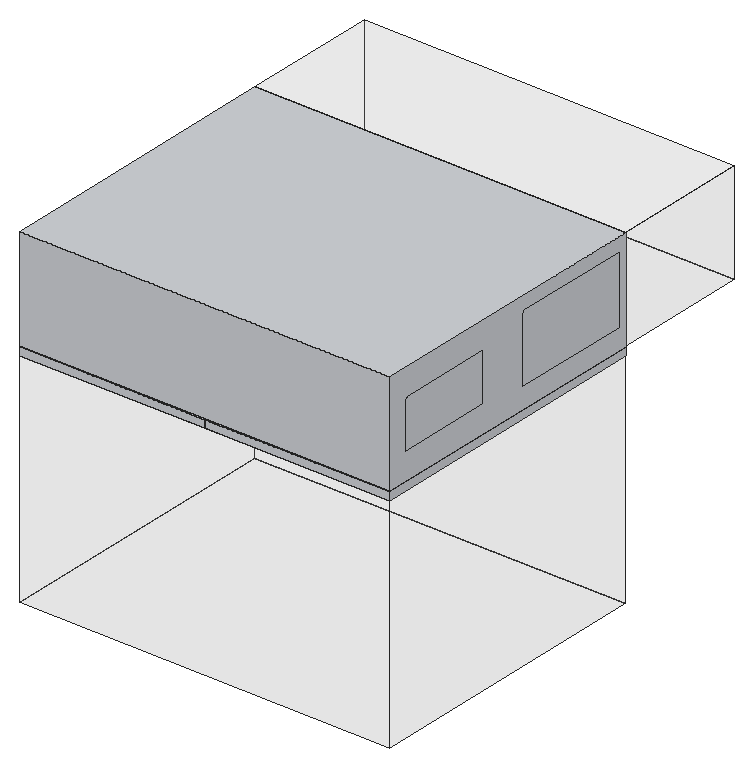
Revit family "AHU 3 _6", category Mechanické zařízení, Revit 2018
Family settings
  Kóta kulaté spojky = Použít průměr
  Typ dílu = Normální
  Číslo OmniClass = 23.75.00.00
  Nadpis OmniClass = Climate Control (HVAC)
  Založené na pracovní rovině = Ne
  Vždy vertikální = Ano
  Ořezat dutým tvarem při načtení = Ne
  Sdílené = Ne
  Bod výpočtu místnosti = Ne
Parameters (values of type "DUPLEXVENT Flexi (3G) DV2300 (RD5)")
  Width [instance] = 1.55 mm
  Weight [instance] = 292.00 kg
  URL = ""
  Type [instance] = "DUPLEXVENT Flexi (3G) DV2300 (RD5)"
  Total_SFP [instance] = 0
  Supply_outlet_hum [instance] = 24.9
  Supply_inlet_hum [instance] = 90
  Supply_ext_pressure [instance] = 200.0 Pa
  Supply_SFP [instance] = 0
  Source_adu_file [instance] = "C:\\\\Users\\\\dgavril\\\\OneDrive - Airflow Developments Ltd\\\\Desktop\\\\adu durley chine V4.adu"
  Recuperation_type [instance] = "Plate heat recovery exchanger"
  Recuperation_efficiency_EN308 [instance] = 82.9
  Project_name [instance] = "Durley Chine Passivhaus"
  Project_date [instance] = "13-08-2021"
  Power_supply_fusing [instance] = "0"
  Power_supply_cable [instance] = "0"
  Position [instance] = "AHU 3 "
  Phases_count [instance] = 1
  Panel_thickness [instance] = 0.06 mm
  Outer_surface [instance] = "RAL 9002"
  Length [instance] = 1.95 mm
  Insulation_type [instance] = "PUR"
  Insulation_thickness [instance] = 0.05 mm
  Installation_environment [instance] = ""
  Input_power_max [instance] = 1660 W
  Inner_surface [instance] = "Pozink"
  I2 [instance] = I1  # 0.0 L/s
  Height [instance] = 0.585 mm
  Exhaust_outlet_hum [instance] = 96.1
  Exhaust_inlet_hum [instance] = 40
  Exhaust_ext_pressure [instance] = 200.0 Pa
  Exhaust_SFP [instance] = 0
  E1 [instance] = E2 - M1  # 0.0 L/s
  E2 [instance] = 0.0 L/s
  I1 [instance] = 0.0 L/s
  Description = ""
  M1 [instance] = 0.0 L/s
  Device_dutypoint_version [instance] = "23"
  Device_design_version [instance] = "76"
  Device_adu_id [instance] = "6"
  Current_max [instance] = 8 A
  Casing_mat [instance] = "painted zinc layer"
  Cable type [instance] = "CYKY 3Jx2,5"
Reference planes
  plane 1 "Střed (vpředu/vzadu)": y = 0
  plane 2 "ref": z = 0
  plane 3 "Střed (vlevo/vpravo)": x = 0
Forms (mm)
  Sweep 1, solid
    path origin (0, 0, -540) x (0, 0, 1) y (1, 0, 0)
      loop
        line (0, 0) -> (540, 0)
    profile origin (0, 0, -540) x (1, 0, 0) y (0, 1, 0)
      loop
        line (0, 0) -> (1950, 0) -> (1950, 1550) -> (0, 1550) -> (0, 0)
  Sweep 2, solid
    path origin (1949, 355, -270) x (1, 0, 0) y (0, 1, 0)
      loop
        line (0, 0) -> (1, 0)
    profile origin (1949, 355, -270) x (0, 1, 0) y (0, 0, 1)
      loop
        line (250, 125) -> (-250, 125) -> (-250, -125) -> (250, -125) -> (250, 125)
  Sweep 3, solid
    path origin (1, 1190, -253) x (0, 1, 0) y (-1, 0, 0)
      loop
        line (0, 0) -> (0, 1)
    profile origin (1, 1190, -253) x (0, -1, 0) y (0, 0, 1)
      loop
        line (-315, 177) -> (-315, -177) -> (315, -177) -> (315, 177) -> (-315, 177)
  Sweep 4, solid
    path origin (1, 355, -270) x (0, 1, 0) y (-1, 0, 0)
      loop
        line (0, 0) -> (0, 1)
    profile origin (1, 355, -270) x (0, -1, 0) y (0, 0, 1)
      loop
        line (-250, 125) -> (-250, -125) -> (250, -125) -> (250, 125) -> (-250, 125)
  Sweep 5, solid
    path origin (1949, 1190, -253) x (1, 0, 0) y (0, 1, 0)
      loop
        line (0, 0) -> (1, 0)
    profile origin (1949, 1190, -253) x (0, 1, 0) y (0, 0, 1)
      loop
        line (315, 177) -> (-315, 177) -> (-315, -177) -> (315, -177) -> (315, 177)
  Sweep 6, solid
    path origin (1885, 1550, -560) x (0, 1, 0) y (-1, 0, 0)
      loop
        line (0, 0) -> (30, 0)
    profile origin (1885, 1550, -560) x (-1, 0, 0) y (0, 0, 1)
      loop
        circle (0, 0) r 16
  Sweep 7, solid, material "Servisní prostor"
    path origin (0, 0, -1755) x (0, 0, 1) y (1, 0, 0)
      loop
        line (0, 0) -> (1170, 0)
    profile origin (0, 0, -1755) x (1, 0, 0) y (0, 1, 0)
      loop
        line (0, 0) -> (1950, 0) -> (1950, 1550) -> (0, 1550) -> (0, 0)
  Sweep 8, solid, material "Servisní prostor"
    path origin (0, 0, -540) x (0, 0, 1) y (1, 0, 0)
      loop
        line (0, 0) -> (540, 0)
    profile origin (0, 0, -540) x (1, 0, 0) y (0, 1, 0)
      loop
        line (0, 2270) -> (0, 1550) -> (1950, 1550) -> (1950, 2270) -> (0, 2270)
  Sweep 9, solid
    path origin (0, 0, -585) x (0, 0, 1) y (1, 0, 0)
      loop
        line (0, 0) -> (40, 0)
    profile origin (0, 0, -585) x (1, 0, 0) y (0, 1, 0)
      loop
        line (0, 1550) -> (0, 0) -> (975, 0) -> (975, 1550) -> (0, 1550)
  Sweep 10, solid
    path origin (0, 0, -585) x (0, 0, 1) y (1, 0, 0)
      loop
        line (0, 0) -> (40, 0)
    profile origin (0, 0, -585) x (1, 0, 0) y (0, 1, 0)
      loop
        line (975, 1550) -> (975, 0) -> (1950, 0) -> (1950, 1550) -> (975, 1550)
  Sweep 11, solid
    path origin (0, 0, -495) x (0, 0, 1) y (1, 0, 0)
      loop
        line (0, 0) -> (190, 0)
    profile origin (0, 0, -495) x (1, 0, 0) y (0, 1, 0)
      loop
        line (650, 1550) -> (1305, 1550) -> (1305, 1675) -> (650, 1675) -> (650, 1550)
  Sweep 12, solid
    path origin (650, 1613, -400) x (0, 0, -1) y (1, 0, 0)
      loop
        line (0, 0) -> (0, -1)
    profile origin (650, 1613, -400) x (0, 0, -1) y (0, -1, 0)
      loop
        circle (0, 0) r 10
Lines and regions (mm)
  model lines, style "Symbol"
    curve 1: line (950, 0, 0) -> (950, 310, 0)
    curve 2: line (950, 1550, 0) -> (950, 1240, 0)
    curve 3: line (0, 775, 0) -> (485, 775, 0)
    curve 4: line (1950, 775, 0) -> (1415, 775, 0)
    curve 5: line (485, 775, 0) -> (718, 1240, 0)
    curve 6: line (718, 1240, 0) -> (1183, 1240, 0)
    curve 7: line (1183, 1240, 0) -> (1415, 775, 0)
    curve 8: line (1415, 775, 0) -> (1183, 310, 0)
    curve 9: line (1183, 310, 0) -> (950, 310, 0)
    curve 10: line (950, 310, 0) -> (718, 310, 0)
    curve 11: line (718, 310, 0) -> (485, 775, 0)
    curve 12: line (341, 1052, 0) -> (93, 1094, 0)
    curve 13: line (341, 1273, 0) -> (93, 1231, 0)
    curve 14: line (1609, 1273, 0) -> (1857, 1231, 0)
    curve 15: line (1609, 1052, 0) -> (1857, 1094, 0)
    curve 16: line (1774, 620, 0) -> (1774, 155, 0)
    curve 17: line (1774, 155, 0) -> (1657, 155, 0)
    curve 18: line (1657, 155, 0) -> (1657, 620, 0)
    curve 19: line (1657, 620, 0) -> (1774, 620, 0)
    curve 20: line (1716, 620, 0) -> (1657, 388, 0)
    curve 21: line (1716, 155, 0) -> (1657, 388, 0)
    curve 22: line (175, 155, 0) -> (175, 620, 0)
    curve 23: line (175, 620, 0) -> (292, 620, 0)
    curve 24: line (292, 620, 0) -> (292, 155, 0)
    curve 25: line (292, 155, 0) -> (175, 155, 0)
    curve 26: line (234, 155, 0) -> (292, 388, 0)
    curve 27: line (234, 620, 0) -> (292, 388, 0)
    curve 28: line (1197, 306, 0) -> (1409, 721, 0)
    curve 29: line (1409, 721, 0) -> (1478, 686, 0)
    curve 30: line (1478, 686, 0) -> (1266, 271, 0)
    curve 31: line (1266, 271, 0) -> (1197, 306, 0)
    curve 32: line (1338, 565, 0) -> (1421, 592, 0)
    curve 33: line (1254, 400, 0) -> (1337, 427, 0)
    curve 34: line (0, 1550, -585) -> (975, 1550, -585)
    curve 35: line (0, 0, -585) -> (975, 0, -585)
    curve 36: line (0, 1550, -585) -> (0, 0, -585)
    curve 37: line (975, 1550, -585) -> (975, 0, -585)
    curve 38: line (0, 1550, -585) -> (0, 1550, -545)
    curve 39: line (975, 1550, -585) -> (975, 1550, -545)
    curve 40: line (0, 0, -585) -> (0, 0, -545)
    curve 41: line (975, 0, -585) -> (975, 0, -545)
    curve 42: line (975, 1550, -585) -> (1950, 1550, -585)
    curve 43: line (975, 0, -585) -> (1950, 0, -585)
    curve 44: line (975, 1550, -585) -> (975, 0, -585)
    curve 45: line (1950, 1550, -585) -> (1950, 0, -585)
    curve 46: line (975, 1550, -585) -> (975, 1550, -545)
    curve 47: line (1950, 1550, -585) -> (1950, 1550, -545)
    curve 48: line (975, 0, -585) -> (975, 0, -545)
    curve 49: line (1950, 0, -585) -> (1950, 0, -545)
    curve 50: line (3, 1550, 0) -> (3, 1605, 0)
    curve 51: line (3, 1605, 0) -> (52, 1605, 0)
    curve 52: line (52, 1605, 0) -> (52, 1550, 0)
    curve 53: line (52, 1550, 0) -> (3, 1550, 0)
    curve 54: line (52, 1550, -150) -> (52, 1550, 0)
    curve 55: line (52, 1550, 0) -> (52, 1605, 0)
    curve 56: line (52, 1605, 0) -> (52, 1605, -150)
    curve 57: line (52, 1605, -150) -> (52, 1550, -150)
    curve 58: line (40, 1550, -150) -> (3, 1550, 0)
    curve 59: line (3, 1550, 0) -> (52, 1550, 0)
    curve 60: line (52, 1550, 0) -> (52, 1550, -150)
    curve 61: line (52, 1550, -150) -> (40, 1550, -150)
    curve 62: line (40, 1605, -150) -> (3, 1605, 0)
    curve 63: line (3, 1605, 0) -> (52, 1605, 0)
    curve 64: line (52, 1605, 0) -> (52, 1605, -150)
    curve 65: line (52, 1605, -150) -> (40, 1605, -150)
    curve 66: line (3, -55, 0) -> (3, 0, 0)
    curve 67: line (3, 0, 0) -> (52, 0, 0)
    curve 68: line (52, 0, 0) -> (52, -55, 0)
    curve 69: line (52, -55, 0) -> (3, -55, 0)
    curve 70: line (52, -55, -150) -> (52, -55, 0)
    curve 71: line (52, -55, 0) -> (52, 0, 0)
    curve 72: line (52, 0, 0) -> (52, 0, -150)
    curve 73: line (52, 0, -150) -> (52, -55, -150)
    curve 74: line (40, -55, -150) -> (3, -55, 0)
    curve 75: line (3, -55, 0) -> (52, -55, 0)
    curve 76: line (52, -55, 0) -> (52, -55, -150)
    curve 77: line (52, -55, -150) -> (40, -55, -150)
    curve 78: line (40, 0, -150) -> (3, 0, 0)
    curve 79: line (3, 0, 0) -> (52, 0, 0)
    curve 80: line (52, 0, 0) -> (52, 0, -150)
    curve 81: line (52, 0, -150) -> (40, 0, -150)
    curve 82: line (1948, 0, 0) -> (1948, -55, 0)
    curve 83: line (1948, -55, 0) -> (1897, -55, 0)
    curve 84: line (1897, -55, 0) -> (1897, 0, 0)
    curve 85: line (1897, 0, 0) -> (1948, 0, 0)
    curve 86: line (1897, 0, -150) -> (1897, 0, 0)
    curve 87: line (1897, 0, 0) -> (1897, -55, 0)
    curve 88: line (1897, -55, 0) -> (1897, -55, -150)
    curve 89: line (1897, -55, -150) -> (1897, 0, -150)
    curve 90: line (1910, 0, -150) -> (1948, 0, 0)
    curve 91: line (1948, 0, 0) -> (1897, 0, 0)
    curve 92: line (1897, 0, 0) -> (1897, 0, -150)
    curve 93: line (1897, 0, -150) -> (1910, 0, -150)
    curve 94: line (1910, -55, -150) -> (1948, -55, 0)
    curve 95: line (1948, -55, 0) -> (1897, -55, 0)
    curve 96: line (1897, -55, 0) -> (1897, -55, -150)
    curve 97: line (1897, -55, -150) -> (1910, -55, -150)
    curve 98: line (1948, 1605, 0) -> (1948, 1550, 0)
    curve 99: line (1948, 1550, 0) -> (1897, 1550, 0)
    curve 100: line (1897, 1550, 0) -> (1897, 1605, 0)
    curve 101: line (1897, 1605, 0) -> (1948, 1605, 0)
    curve 102: line (1897, 1605, -150) -> (1897, 1605, 0)
    curve 103: line (1897, 1605, 0) -> (1897, 1550, 0)
    curve 104: line (1897, 1550, 0) -> (1897, 1550, -150)
    curve 105: line (1897, 1550, -150) -> (1897, 1605, -150)
    curve 106: line (1910, 1605, -150) -> (1948, 1605, 0)
    curve 107: line (1948, 1605, 0) -> (1897, 1605, 0)
    curve 108: line (1897, 1605, 0) -> (1897, 1605, -150)
    curve 109: line (1897, 1605, -150) -> (1910, 1605, -150)
    curve 110: line (1910, 1550, -150) -> (1948, 1550, 0)
    curve 111: line (1948, 1550, 0) -> (1897, 1550, 0)
    curve 112: line (1897, 1550, 0) -> (1897, 1550, -150)
    curve 113: line (1897, 1550, -150) -> (1910, 1550, -150)
    curve 114: circle (233, 1163, 0) r 155 normal (0, 0, 1)
    curve 115: circle (1718, 1163, 0) r 155 normal (0, 0, 1)
    curve 116: circle (1380, 579, 0) r 12 normal (0, 0, 1)
    curve 117: circle (1295, 413, 0) r 12 normal (0, 0, 1)
    curve 118: circle (28, 1577, 0) r 5 normal (0, 0, 1)
    curve 119: circle (28, -28, 0) r 5 normal (0, 0, 1)
    curve 120: circle (1923, -28, 0) r 5 normal (0, 0, 1)
    curve 121: circle (1923, 1577, 0) r 5 normal (0, 0, 1)
Dimensions and locks
  aligned and locked: level to plane 2 "ref"
Connectors
  hvac at (1950, 355, -270), driven by "E1"
    settings: on Sweep 2, index 1, duct flow 0.0 L/s, flow factor 0, pres drop 0.0 Pa, loss coef 0, conn angle 0.00°, conn width 500 mm, conn height 250 mm, conn diameter 609.6 mm, duct sys type 1, conn prof type 1, flow config 1, flow direction 1, loss method 0, conn ref index -1, conn util no, is conn primary yes, conn desc ""
  hvac at (0, 1190, -253), driven by "E2"
    settings: on Sweep 3, index 2, duct flow 0.0 L/s, flow factor 1, pres drop 0.0 Pa, loss coef 0, conn angle 0.00°, conn width 630 mm, conn height 355 mm, conn diameter 609.6 mm, duct sys type 1, conn prof type 1, flow config 2, flow direction 2, loss method 0, conn ref index -1, conn util no, is conn primary no, conn desc ""
  hvac at (0, 355, -270), driven by "I1"
    settings: on Sweep 4, index 3, duct flow 0.0 L/s, flow factor 1, pres drop 0.0 Pa, loss coef 0, conn angle 0.00°, conn width 500 mm, conn height 250 mm, conn diameter 609.6 mm, duct sys type 3, conn prof type 1, flow config 2, flow direction 1, loss method 0, conn ref index -1, conn util no, is conn primary no, conn desc ""
  hvac at (1950, 1190, -253), driven by "I2"
    settings: on Sweep 5, index 4, duct flow 0.0 L/s, flow factor 0, pres drop 0.0 Pa, loss coef 0, conn angle 0.00°, conn width 630 mm, conn height 355 mm, conn diameter 609.6 mm, duct sys type 3, conn prof type 1, flow config 1, flow direction 2, loss method 0, conn ref index -1, conn util no, is conn primary no, conn desc ""
  piping at (1885, 1580, -560), diameter 22
    settings: on Sweep 6, index 5, connector inside diameter 609.6 mm, connector length 0 mm, flow factor 0, pipe flow 0.0 L/s, pressure drop 0.0 Pa, fitting loss kfactor 0, connector angle 0.00°, fixture units 0, engagement length 0 mm, angle of deflection 0.00°, flow configuration 1, flow direction 2, fitting loss method 0, system type 16, joint type 0, gender type 0, connector reference index -1, connector utility 0, adjustable connector no, is connector primary yes, connector description ""
  electrical at (649, 1613, -400)
    settings: on Sweep 12, index 6, voltage 230 V, apparent load 0 VA, apparent load phase1 0 VA, apparent load phase2 0 VA, apparent load phase3 0 VA, power factor 1, load classification "Další", number of poles 1, system type 31, power factor state 1, is connector primary yes, connector utility no, sub classification motor no, connector description ""
